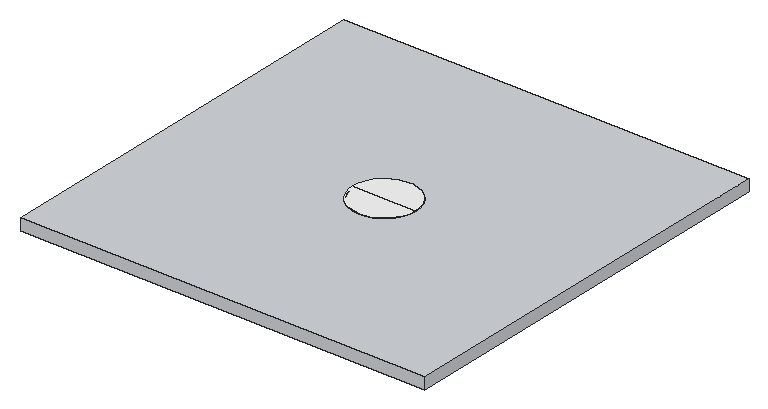
Revit family
Parameters (values of type "2"")
  WFU = 0
  URL = "WWW.MIFAB.COM"
  Top Assembly diameter = 15.000"
  Top Assembly Radius = Top Assembly diameter / 2  # 7.500"
  Pipe Radius = Pipe Diameter / 2  # 1.000"
  Pipe Diameter = 2.000"
  Model = "F1550"
  Manufacturer = "MIFAB"
  Floor Drain Material = Paint - Sherwin Williams Paint - #952C2A - Bellwood Red
  Description = "PARKING AREA DRAIN WITH 15\" ROUND HEAVY DUTY TRACTOR GRATE WITH\r\nDEEP SUMP AND HEAVY DUTY MEMBRANE COLLAR WITH SEEPAGE OPENINGS"
  Default Elevation = 0.000"
  Body Height = 6.125"
Types (7): name | Pipe Radius | Pipe Diameter | Body Height
  (no name) | 1.000" | 2.000" | 6.125"
  6" | 3.000" | 6.000" | 8.000"
  4" | 2.000" | 4.000" | 6.125"
  8" | 4.000" | 8.000" | 8.000"
  2" | 1.000" | 2.000" | 6.125"
  3" | 1.500" | 3.000" | 6.125"
  5" | 2.500" | 5.000" | 6.125"
Reference planes (in)
  plane 1 "Center (Front/Back)": y = 0
  plane 2: z = 0
  plane 3 "Center (Left/Right)": x = 0
  plane 4: x = -10
  plane 5: x = 10
  plane 6: x = -7.5
  plane 7: x = 7.5
  plane 8: z = -2
  plane 9: z = -8.125
  plane 10: x = 6.75
  plane 11: z = -6.625
  plane 12: x = -1
  plane 13: x = 1
  plane 14: x = 1.3
  plane 15: z = -1.75
  plane 16: z = -0.5
  plane 17: z = -2.25
Forms (in)
  Extrusion 1, solid
    sketch origin (0, 0, 0) x (1, 0, 0) y (0, 1, 0)
      loop
        line (-48, 48) -> (-48, -48) -> (48, -48) -> (48, 48) -> (-48, 48)
    from 0 to -2.74618
  Revolve 2, solid, material "Paint - Sherwin Williams Paint - #952C2A - Bellwood Red" <- "Floor Drain Material"
    sketch origin (0, 0, 0) x (1, 0, 0) y (0, 0, 1)
      loop
        line (0, 0) -> (0, -0.25) -> (7.2, -0.25) -> (7.2, -1.75) -> (4.935, -1.75) -> (4.935, -2.25) -> (4.64673, -6.3725) -> (1, -6.3725) -> (1, -8.125) -> (1.3, -8.125) -> (1.3, -6.625) -> (4.97937, -6.625) -> (5.28529, -2.25) -> (6.75, -2.25) -> (6.75, -2) -> (10, -2) -> (10, -1.75) -> (7.5, -1.75) -> (7.5, 0) -> (0, 0)
      axis (0, -8.125) -> (0, 0)
    angle from 0 to 360
Lines and regions (in)
  symbolic lines
    curve 1: circle (0, 0, 0) r 7.5 normal (0, 0, 1)
  symbolic lines, style "PlumbingFixturesHiddenLines"
    curve 2: circle (0, 0, 0) r 10 normal (0, 0, 1)
    curve 3: circle (0, 0, 0) r 1 normal (0, 0, 1)
Dimensions and locks (in)
  equal spacing: plane 7, plane 3 "Center (Left/Right)", plane 6
  equal spacing: plane 5, plane 3 "Center (Left/Right)", plane 4
  locked: plane 5 to plane 4 at 20
  "Top Assembly diameter": plane 6 to plane 7
  level to plane 8 = 2.000"
  "Body Height": plane 8 to plane 9
  locked: plane 11 to plane 9 at 1.5
  equal spacing: plane 13, plane 3 "Center (Left/Right)", plane 12
  "Pipe Diameter": plane 13 to plane 12
  locked: plane 13 to plane 14 at 0.3
  locked: level to plane 16 at 0.5
  plane 15 to plane 8 to plane 17 = 0.250" locked, 0.250" locked
  locked: Revolve 2 sketch curve to plane 11 at 0.2525
  locked: Revolve 2 sketch curve to plane 7 at 0.3
  locked: plane 10 to plane 7 at 0.75
  Extrusion 1 to Revolve 2 sketch curve = 0.250"
  "Top Assembly Radius": radius of curve 1
  "Pipe Radius": radius of curve 3
  aligned and locked: plane 2 to Extrusion 1
  aligned and locked: level to Extrusion 1
  aligned and locked: Revolve 2 sketch curve to plane 13
  aligned and locked: Revolve 2 sketch curve to plane 14
  aligned and locked: Revolve 2 sketch curve to plane 11
  aligned and locked: plane 8 to Revolve 2 sketch curve
  aligned and locked: Revolve 2 sketch curve to plane 15
  aligned and locked: plane 5 to Revolve 2 sketch curve
  aligned and locked: plane 7 to Revolve 2 sketch curve
  aligned and locked: plane 10 to Revolve 2 sketch curve
  aligned and locked: Revolve 2 sketch curve to plane 17
  aligned and locked: Revolve 2 sketch curve to plane 9
  aligned and locked: plane 15 to Revolve 2 sketch curve
  aligned and locked: Revolve 2 sketch curve to Extrusion 1
  aligned and locked: plane 1 "Center (Front/Back)" to curve 1
  aligned and locked: plane 3 "Center (Left/Right)" to curve 1
  aligned and locked: plane 1 "Center (Front/Back)" to curve 3
  aligned and locked: plane 3 "Center (Left/Right)" to curve 3
Automatic sketch dimensions
  Extrusion 1 sketch curve to Extrusion 1 sketch curve = 96.000"  (x2)
  Revolve 2 sketch curve to plane 3 "Center (Left/Right)" = 0.000"  (x2)
  Revolve 2 sketch curve to plane 17 = 0.000"
  plane 10 to Revolve 2 sketch curve = 2.10327"
  Revolve 2 sketch curve to Revolve 2 sketch curve = 1.815"
  Revolve 2 sketch curve to Revolve 2 sketch curve = 0.33264"
  Revolve 2 sketch curve to Revolve 2 sketch curve = 0.35029"
  Revolve 2 sketch curve to Revolve 2 sketch curve = 2.750"
  Revolve 2 sketch curve to Revolve 2 sketch curve = 1.500"
  curve 1 to curve 2 = 0.000"  (x2)
  radius of curve 2 = 10.000"
Connectors (in)
  piping at (0, 0, -8.125), driven by "Pipe Radius", driven by "WFU"
    settings: on Revolve 2, index 1, connector radius 1", flow factor 0, pipe flow 0 GPM, pressure drop 0.00 psi, fitting loss kfactor 0, connector angle 0.00°, fixture units 0, flow configuration 3, flow direction 2, fitting loss method 0, system type 16, connector reference index -1, connector utility 0, adjustable connector no, is connector primary yes, fitting loss table "", connector description "Sanitary Out"
